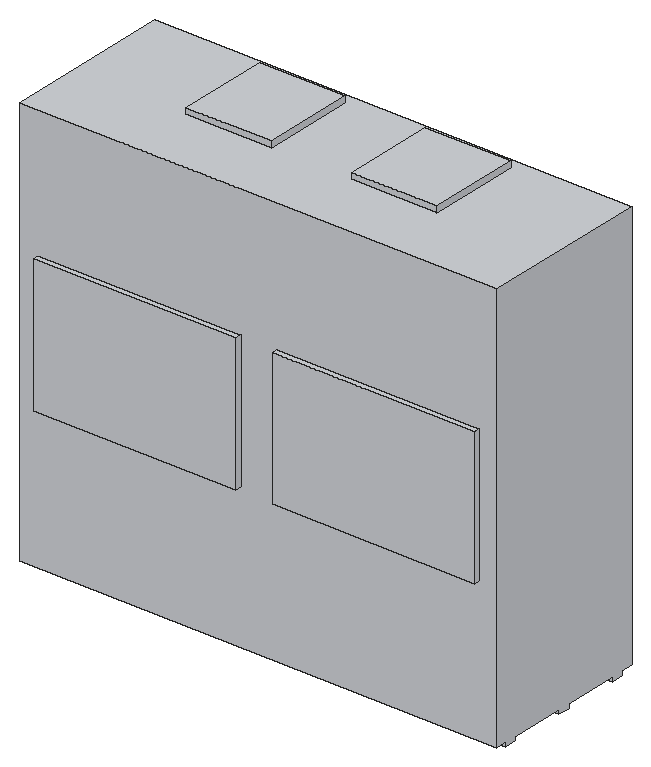
Revit family "b5f3f4b5b1354e86be6006f81be26b94", category Mechanical Equipment, Revit 2021
Family settings
  Round Connector Dimension = Use Radius
  Part Type = Normal
  OmniClass Number = 23.75.10.21.17
  OmniClass Title = Water-Source Heat Pumps
  Seek Item ID = WSHP - Vertical - 13-25 Tons - Front Return - Top Discharge-0000-USA-ENU
  Work Plane-Based = No
  Always vertical = Yes
  Cut with Voids When Loaded = No
  Shared = No
  Room Calculation Point = No
Parameters (values of type "13 Tons")
  Water Supply Radius = 3/4"
  Water Supply Diameter = Water Supply Radius * 2  # 1 1/2"
  Water Return Radius = 3/4"
  Water Return Diameter = Water Return Radius * 2  # 1 1/2"
  Water Pressure Drop [instance] = 9.40 psi
  Water Flow [instance] = 37 GPM
  Voltage = 460 V
  Supply Air Width = 14 179/256"
  Supply Air Height = 15 205/256"
  Return Air Width = 34 205/256"
  Return Air Height = 23 51/128"
  Pump Width = 2' - 5"
  Pump Material = none
  Pump Length = 6' - 10"
  Pump Height = 5' - 11 1/2"
  Number of Poles = 3
  Load Classification = Cooling
  Drain Flow [instance] = 0 GPM
  Default Elevation = 0' - 0"
  Air Flow 1 [instance] = Air Flow / 2  # 2600 CFM
  Distance 1 = 1' - 1 205/256"
  Condensate Radius = 1/2"
  Condensate Diameter = Condensate Radius * 2  # 1"
  C8 Offset 2 = 0' - 2 13/128"
  C8 Offset 1 = 0' - 1"
  C6 Offset 2 = 1' - 10 77/128"
  C6 Offset 1 = 0' - 3 13/128"
  C4 Offset 1 = 1' - 7 51/128"
  C3 Offset 1 = 1' - 2 1/2"
  C2 Offset 1 = 0' - 4"
  C1 Offset 2 = 1' - 8 1/2"
  C1 Offset 1 = 0' - 7 51/128"
  Apparent Load = 11132 VA
  External Static Pressure [instance] = 1.00 in-wg
  Air Flow [instance] = 5200 CFM
Types (5): name | Water Pressure Drop | Water Flow | Supply Air Width | Supply Air Height | Air Flow 1 | Distance 1 | C4 Offset 1 | Apparent Load | External Static Pressure | Air Flow
  (no name) | 9.40 psi | 37 GPM | 14 179/256" | 15 205/256" | 2600 CFM | 1' - 1 205/256" | 1' - 7 51/128" | 11132 VA | 1.00 in-wg | 5200 CFM
  13 Tons | 9.40 psi | 37 GPM | 14 179/256" | 15 205/256" | 2600 CFM | 1' - 1 205/256" | 1' - 7 51/128" | 11132 VA | 1.00 in-wg | 5200 CFM
  17 Tons | 11.10 psi | 48 GPM | 18 205/256" | 16 13/128" | 3500 CFM | 1' - 10 77/256" | 0' - 5 205/256" | 17296 VA | 1.50 in-wg | 7000 CFM
  20 Tons | 14.60 psi | 60 GPM | 18 205/256" | 16 13/128" | 4200 CFM | 1' - 10 77/256" | 0' - 5 205/256" | 18768 VA | 1.50 in-wg | 8400 CFM
  25 Tons | 12.90 psi | 75 GPM | 18 205/256" | 16 13/128" | 4500 CFM | 1' - 10 13/128" | 0' - 5 205/256" | 21896 VA | 1.20 in-wg | 9000 CFM
Reference planes (in)
  plane 1 "Center (Front/Back)": y = 0
  plane 2: z = 0
  plane 3 "Center (Left/Right)": x = 0
  plane 4: y = 29
  plane 5: x = 82
  plane 6: z = 0.75
  plane 7: z = 71.5
  plane 8: y = 4
  plane 9: y = 7.39844
  plane 10: y = 14.5
  plane 11: z = 21.25
  plane 12: x = -1
  plane 13: z = 2.85156
  plane 14: x = 81
  plane 15: x = 19.39844
  plane 16: x = 34.09766
  plane 17: x = 47.89844
  plane 18: x = 62.59766
  plane 19: y = 27.25
  plane 20: y = 11.44922
  plane 21: z = 72.5
  plane 22: z = 48.89844
  plane 23: z = 25.5
  plane 24: x = 3.10156
  plane 25: x = 37.90234
  plane 26: x = 44.20234
  plane 27: x = 79.00313
  plane 28: y = 14.5
  plane 29: y = 15.5
  plane 30: y = 13.5
  plane 31: y = 27
  plane 32: y = 25
  plane 33: y = 2
  plane 34: y = 4
  plane 35: y = -1
Forms (in)
  Extrusion 1, solid, material <- "Pump Material"
    sketch origin (0, 0, 0) x (1, 0, 0) y (0, 1, 0)
      loop
        line (0, 29) -> (0, 0) -> (82, 0) -> (82, 29) -> (0, 29)
    from 0.75 to 71.5
  Extrusion 2, solid, material <- "Pump Material"
    sketch origin (0, 0, 0) x (0, 1, 0) y (0, 0, 1)
      loop
        circle (4, 21.25) r 0.75
    from -1 to 0
  Extrusion 3, solid, material <- "Pump Material"
    sketch origin (0, 0, 0) x (0, 1, 0) y (0, 0, 1)
      loop
        circle (7.39844, 21.25) r 0.75
    from -1 to 0
  Extrusion 4, solid, material <- "Pump Material"
    sketch origin (0, 0, 0) x (0, 1, 0) y (0, 0, 1)
      loop
        circle (14.5, 21.25) r 0.5
    from -1 to 0
  Extrusion 5, solid, material <- "Pump Material"
    sketch origin (0, 0, 0) x (1, 0, 0) y (0, 0, 1)
      loop
        circle (81, 2.85156) r 0.5
    from -1 to 0
  Extrusion 6, solid, material <- "Pump Material"
    sketch origin (0, 0, 0) x (1, 0, 0) y (0, 1, 0)
      loop
        line (19.39844, 27.25) -> (19.39844, 11.44922) -> (34.09766, 11.44922) -> (34.09766, 27.25) -> (19.39844, 27.25)
      loop
        line (47.89844, 27.25) -> (47.89844, 11.44922) -> (62.59766, 11.44922) -> (62.59766, 27.25) -> (47.89844, 27.25)
    from 71.5 to 72.5
  Extrusion 7, solid, material <- "Pump Material"
    sketch origin (0, 0, 0) x (1, 0, 0) y (0, 0, 1)
      loop
        line (3.10156, 48.89844) -> (3.10156, 25.5) -> (37.90234, 25.5) -> (37.90234, 48.89844) -> (3.10156, 48.89844)
      loop
        line (44.20234, 48.89844) -> (44.20234, 25.5) -> (79.00313, 25.5) -> (79.00313, 48.89844) -> (44.20234, 48.89844)
    from 0 to 1
  Extrusion 8, solid, material <- "Pump Material"
    sketch origin (0, 0, 0) x (1, 0, 0) y (0, 1, 0)
      loop
        line (0, 27) -> (0, 25) -> (82, 25) -> (82, 27) -> (0, 27)
      loop
        line (0, 15.5) -> (0, 13.5) -> (82, 13.5) -> (82, 15.5) -> (0, 15.5)
      loop
        line (0, 4) -> (0, 2) -> (82, 2) -> (82, 4) -> (0, 4)
    from 0 to 0.75
Cuts and joins
  joined: Extrusion 1, Extrusion 2, Extrusion 3, Extrusion 4, Extrusion 5, Extrusion 6, Extrusion 7, Extrusion 8
Dimensions and locks (in)
  locked: plane 6 to level at 0.75
  "Pump Height": plane 7 to level
  "Pump Length": plane 3 "Center (Left/Right)" to plane 5
  "C2 Offset 1": plane 8 to plane 1 "Center (Front/Back)"
  "C1 Offset 1": plane 9 to plane 1 "Center (Front/Back)"
  "C3 Offset 1": plane 10 to plane 1 "Center (Front/Back)"
  "C1 Offset 2": plane 11 to plane 6
  locked: plane 12 to plane 3 "Center (Left/Right)" at 1
  "C8 Offset 1": plane 14 to plane 5
  "C8 Offset 2": plane 13 to plane 6
  "Pump Width": plane 4 to plane 1 "Center (Front/Back)"
  "C4 Offset 1": plane 3 "Center (Left/Right)" to plane 15
  "Supply Air Width": plane 15 to plane 16
  "Distance 1": plane 16 to plane 17
  "Supply Air Width": plane 17 to plane 18
  locked: plane 4 to plane 19 at 1.75
  "Supply Air Height": plane 19 to plane 20
  locked: plane 21 to plane 7 at 1
  "C6 Offset 2": plane 7 to plane 22
  "Return Air Height": plane 22 to plane 23
  "C6 Offset 1": plane 24 to plane 3 "Center (Left/Right)"
  "Return Air Width": plane 25 to plane 24
  locked: plane 26 to plane 25 at 6.3
  "Return Air Width": plane 27 to plane 26
  equal spacing: plane 4, plane 28, plane 1 "Center (Front/Back)"
  locked: plane 29 to plane 30 at 2
  equal spacing: plane 29, plane 28, plane 30
  locked: plane 4 to plane 31 at 2
  locked: plane 31 to plane 32 at 2
  locked: plane 33 to plane 34 at 2
  locked: plane 1 "Center (Front/Back)" to plane 33 at 2
  locked: plane 35 to plane 1 "Center (Front/Back)" at 1
  "Water Return Radius": radius of Extrusion 2 sketch curve
  "Water Supply Radius": radius of Extrusion 3 sketch curve
  "Condensate Radius": radius of Extrusion 4 sketch curve
  aligned and locked: plane 3 "Center (Left/Right)" to Extrusion 1 sketch curve
  aligned and locked: Extrusion 1 sketch curve to plane 4
  aligned and locked: plane 1 "Center (Front/Back)" to Extrusion 1 sketch curve
  aligned and locked: Extrusion 1 sketch curve to plane 5
  aligned and locked: Extrusion 1 to plane 7
  aligned and locked: Extrusion 1 to plane 6
  aligned and locked: plane 11 to Extrusion 2 sketch curve
  aligned and locked: plane 8 to Extrusion 2 sketch curve
  aligned and locked: plane 9 to Extrusion 3 sketch curve
  aligned and locked: plane 11 to Extrusion 3 sketch curve
  aligned and locked: plane 11 to Extrusion 4 sketch curve
  aligned and locked: plane 10 to Extrusion 4 sketch curve
  aligned and locked: plane 12 to Extrusion 2
  aligned and locked: plane 3 "Center (Left/Right)" to Extrusion 2
  aligned and locked: Extrusion 3 to Extrusion 2
  aligned and locked: plane 3 "Center (Left/Right)" to Extrusion 3
  aligned and locked: Extrusion 4 to Extrusion 2
  aligned and locked: plane 3 "Center (Left/Right)" to Extrusion 4
  aligned and locked: plane 13 to Extrusion 5 sketch curve
  aligned and locked: plane 14 to Extrusion 5 sketch curve
  aligned and locked: Extrusion 1 to Extrusion 5
  aligned and locked: plane 15 to Extrusion 6 sketch curve
  aligned and locked: Extrusion 6 sketch curve to plane 19  (x2)
  aligned and locked: plane 20 to Extrusion 6 sketch curve  (x2)
  aligned and locked: Extrusion 6 sketch curve to plane 16
  aligned and locked: plane 17 to Extrusion 6 sketch curve  (x2)
  aligned and locked: Extrusion 6 sketch curve to plane 18
  aligned and locked: plane 21 to Extrusion 6
  aligned and locked: Extrusion 6 to plane 7
  aligned and locked: plane 24 to Extrusion 7 sketch curve
  aligned and locked: Extrusion 7 sketch curve to plane 22  (x2)
  aligned and locked: plane 23 to Extrusion 7 sketch curve  (x2)
  aligned and locked: Extrusion 7 sketch curve to plane 25
  aligned and locked: plane 26 to Extrusion 7 sketch curve  (x2)
  aligned and locked: Extrusion 7 sketch curve to plane 27
  aligned and locked: Extrusion 8 sketch curve to plane 31
  aligned and locked: plane 32 to Extrusion 8 sketch curve
  aligned and locked: plane 3 "Center (Left/Right)" to Extrusion 8 sketch curve  (x2)
  aligned and locked: Extrusion 8 sketch curve to plane 5  (x2)
  aligned and locked: Extrusion 8 sketch curve to plane 33
  aligned and locked: plane 34 to Extrusion 8 sketch curve
  aligned and locked: Extrusion 8 sketch curve to Extrusion 1
  aligned and locked: Extrusion 8 sketch curve to plane 29
  aligned and locked: plane 30 to Extrusion 8 sketch curve
  aligned and locked: Extrusion 8 to plane 2
  aligned and locked: Extrusion 8 to plane 6
  aligned and locked: Extrusion 7 to plane 35
  aligned and locked: Extrusion 7 to plane 1 "Center (Front/Back)"
Automatic sketch dimensions
  Extrusion 8 sketch curve to plane 3 "Center (Left/Right)" = 0' - 0"
  radius of Extrusion 5 sketch curve = 0' - 0 1/2"
Connectors (in)
  piping at (-1, 7.39844, 21.25), diameter 1.5, driven by "Water Supply Radius", driven by "Water Flow"
    settings: on Extrusion 3, index 1, connector inside diameter 1 1/2", connector length 0' - 0", flow factor 0, pipe flow 37 GPM, pressure drop 0.00 psi, fitting loss kfactor 0, connector angle 0.00°, fixture units 0, engagement length 0' - 0", angle of deflection 0.00°, flow configuration 1, flow direction 1, fitting loss method 4, system type 7, joint type 0, gender type 0, connector reference index 2, connector utility 0, adjustable connector no, is connector primary yes, connector description "Water Supply In"
  piping at (-1, 4, 21.25), diameter 1.5, driven by "Water Flow", driven by "Water Pressure Drop", driven by "Water Return Radius"
    settings: on Extrusion 2, index 2, connector inside diameter 1 1/2", connector length 0' - 0", flow factor 0, pipe flow 37 GPM, pressure drop 9.40 psi, fitting loss kfactor 0, connector angle 0.00°, fixture units 0, engagement length 0' - 0", angle of deflection 0.00°, flow configuration 1, flow direction 2, fitting loss method 4, system type 8, joint type 0, gender type 0, connector reference index 1, connector utility 0, adjustable connector no, is connector primary no, connector description "Water Return Out"
  piping at (-1, 14.5, 21.25), diameter 1, driven by "Condensate Radius", driven by "Drain Flow"
    settings: on Extrusion 4, index 3, connector inside diameter 1", connector length 0' - 0", flow factor 0, pipe flow 0 GPM, pressure drop 0.00 psi, fitting loss kfactor 0, connector angle 0.00°, fixture units 0, engagement length 0' - 0", angle of deflection 0.00°, flow configuration 1, flow direction 2, fitting loss method 0, system type 16, joint type 0, gender type 0, connector reference index -1, connector utility 0, adjustable connector yes, is connector primary no, connector description "Condensate Out"
  hvac at (26.74805, 19.34961, 72.5), driven by "Air Flow 1", driven by "Supply Air Height", driven by "Supply Air Width"
    settings: on Extrusion 6, index 4, duct flow 2600 CFM, flow factor 0, pres drop 0.00 in-wg, loss coef 0, conn angle 0.00°, conn width 14 179/256", conn height 15 205/256", conn diameter 24", duct sys type 1, conn prof type 1, flow config 0, flow direction 2, loss method 0, conn ref index -1, conn util no, is conn primary yes, conn desc ""
  hvac at (55.24805, 19.34961, 72.5), driven by "Air Flow 1", driven by "Supply Air Height", driven by "Supply Air Width"
    settings: on Extrusion 6, index 5, duct flow 2600 CFM, flow factor 0, pres drop 0.00 in-wg, loss coef 0, conn angle 0.00°, conn width 14 179/256", conn height 15 205/256", conn diameter 24", duct sys type 1, conn prof type 1, flow config 0, flow direction 2, loss method 0, conn ref index -1, conn util no, is conn primary no, conn desc ""
  hvac at (20.50195, -1, 37.19922), driven by "Air Flow 1", driven by "Return Air Height", driven by "Return Air Width"
    settings: on Extrusion 7, index 6, duct flow 2600 CFM, flow factor 0, pres drop 0.00 in-wg, loss coef 0, conn angle 0.00°, conn width 34 205/256", conn height 23 51/128", conn diameter 24", duct sys type 2, conn prof type 1, flow config 0, flow direction 1, loss method 0, conn ref index -1, conn util no, is conn primary no, conn desc ""
  hvac at (61.60273, -1, 37.19922), driven by "Air Flow 1", driven by "Return Air Height", driven by "Return Air Width"
    settings: on Extrusion 7, index 7, duct flow 2600 CFM, flow factor 0, pres drop 0.00 in-wg, loss coef 0, conn angle 0.00°, conn width 34 205/256", conn height 23 51/128", conn diameter 24", duct sys type 2, conn prof type 1, flow config 0, flow direction 1, loss method 0, conn ref index -1, conn util no, is conn primary no, conn desc ""
  electrical at (81, 0, 2.85156), driven by "Apparent Load", driven by "Voltage", driven by "Number of Poles", driven by "Load Classification"
    settings: on Extrusion 5, index 8, voltage 460 V, apparent load 11132 VA, apparent load phase1 0 VA, apparent load phase2 0 VA, apparent load phase3 0 VA, power factor 0.8, load classification "Cooling", number of poles 3, system type 30, power factor state 1, is connector primary yes, connector utility no, sub classification motor no, connector description ""
